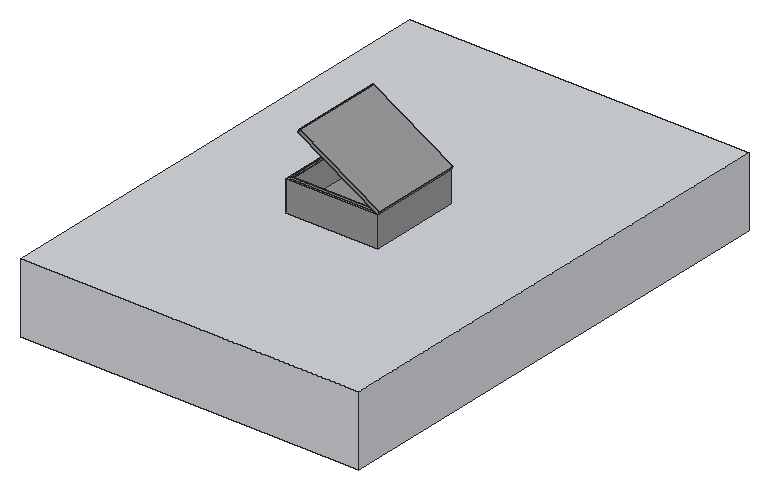
Revit family "Hager-Orion_Inox-IP66-D150-Cl.I-Inox_encl-630A-400mm-CH-en", category Equipement électrique, Revit 2020
Family settings
  Hôte = Face
  Configuration du panneau = Deux colonnes, circuits au sein
  Cote de connecteur circulaire = Utiliser le diamètre
  Type d'élément = Tableau de raccordement
  Couper avec des vides une fois chargée = Non
  Partagée = Non
  Point de calcul de pièce = Non
Parameters (values of type "Surface mounted (plaster) IP66 W400 H400 D150  - FL014BWL")
  Width Control [instance] = if([EF000008 - Width] > Min Width, [EF000008 - Width], Min Width)  # 400 mm
  Commentaires du type = [HG000003 - Range]  # "Orion Inox"
  Thickness Door [instance] = if([EF009171 - Material plate thickness door/cover] > 3 mm, 3 mm, [EF009171 - Material plate thickness door/cover])  # 1.5 mm
  Seal Frame Offset [instance] = 17 mm  # constant formula
  Model = ""
  Min Width [instance] = 100 mm  # constant formula
  Min Height [instance] = 100 mm  # constant formula
  Min Depth [instance] = (2 * [EF009170 - Material plate thickness cabinet]) + 1 mm  # 4 mm
  Internal Frame Depth [instance] = (Door System Depth * 0.5)  # 9 mm
  Height Control [instance] = if([EF000040 - Height] > Min Height, [EF000040 - Height], Min Height)  # 400 mm
  HG000027 - Plinth height = 0 mm
  HG000026 - Floor standing = no
  HG000024 - Bottom section height = 800 mm
  HG000023 - Double section enclosure = no
  HG000016 - Door 3d visibility [instance] = yes
  HG000015 - Clearance visibility [instance] = no
  HG000014 - Door on the right [instance] = yes
  HG000013 - Door on the left [instance] = not([HG000014 - Door on the right])  # no
  HG000012 - Door swing angle [instance] = 30.00°
  HG000010 - Asymmetric doors = no
  HG000009 - Double swing door = no
  HG000006 - Flush mounted = no
  HG000004 - Manufacturer reference = "FL014BWL"
  HG000003 - Range = "Orion Inox"
  HG000002 - With door or cover = yes
  Frame Offset Bottom [instance] = 10 mm  # constant formula
  Frame Offset [instance] = 15 mm  # constant formula
  EF015940 - Cover with overpressure release = no
  EF011959 - Degree of protection (NEMA) = ""
  EF009554 - Number of openings for flange plates = 0
  EF009212 - Cover model = "EV009916 - With notch"
  EF009171 - Material plate thickness door/cover = 1.5 mm
  EF009170 - Material plate thickness cabinet = 1.5 mm
  Fabricant = "Hager"  # constant formula
  EF008873 - Nominal current (In) = 630 A
  EF007800 - Suitable for lightning protection = no
  EF006306 - With lock = no
  EF006244 - Transparent cover/door = no
  EF005474 - Degree of protection (IP) = "EV006422 - IP66"
  EF004464 - Type of door = "EV002646 - Single"
  EF004427 - Number of modules = 0
  EF004293 - Impact strength = "EV008784 - IK10"
  EF003532 - Suitable for outdoor use = yes
  EF002950 - Width in number of modular spacings = 0
  EF001613 - Circuit integrity = ""
  EF001596 - Material housing = "EV000166 - Stainless steel"
  EF001131 - Internal depth = 116 mm
  EF001088 - Extension possible = yes
  EF000437 - Number of conduit inlets = 0
  EF000339 - Type of cover = "EV004216 - Door"
  EF000266 - Number of rows = 0
  EF000218 - Built-in depth = 0 mm
  EF000118 - With mounting plate = no
  EF000116 - RAL-number = ""
  EF000049 - Depth = 150 mm
  EF000040 - Height = 400 mm
  EF000008 - Width = 400 mm
  EF000007 - Colour = "EV000154 - Other"
  EF000003 - Mounting method = "EV000384 - Surface mounted (plaster)"
  Door System Leaf Tolerance [instance] = 1.5 mm  # constant formula
  Door System Depth [instance] = 18 mm  # constant formula
  Depth Control [instance] = if([EF000049 - Depth] > Min Depth, [EF000049 - Depth], Min Depth)  # 150 mm
  Default Elevation = 0 mm
Types (4, lengths in mm): name | Width Control | HG000004 - Manufacturer reference | EF009212 - Cover model | EF006306 - With lock | EF006244 - Transparent cover/door | EF004293 - Impact strength | EF001613 - Circuit integrity | EF000008 - Width
  Surface mounted (plaster) IP66 W300 H400 D150  - FL014TW | 300 | "FL014TW" | "EV000116 - Closed" | yes | yes | "EV006814 - IK08" | "EV000494 - None" | 300
  Surface mounted (plaster) IP66 W300 H400 D150  - FL014TWL | 300 | "FL014TWL" | "EV000116 - Closed" | yes | yes | "EV006814 - IK08" | "EV000494 - None" | 300
  Surface mounted (plaster) IP66 W400 H400 D150  - FL014BW | 400 | "FL014BW" | "EV009916 - With notch" | no | no | "EV008784 - IK10" | "" | 400
  Surface mounted (plaster) IP66 W400 H400 D150  - FL014BWL | 400 | "FL014BWL" | "EV009916 - With notch" | no | no | "EV008784 - IK10" | "" | 400
Reference planes
  plane 1 "Center (Front/Back)": y = 0
  plane 2: z = 0
  plane 3 "Center (Left/Right)": x = 0
  plane 4: z = 150
  plane 5: y = 1.5
  plane 6: y = 200
  plane 7: y = 0
  plane 8: y = 400
  plane 9: z = 0
  plane 10: x = -185
  plane 11: x = 185
  plane 12: x = 183.5
  plane 13: x = -183.5
  plane 14: y = 398.5
  plane 15: x = -183
  plane 16: x = -200
  plane 17: x = 183
  plane 18: x = 200
  plane 19: x = 198.5
  plane 20: x = -198.5
  plane 21: y = 11.5
  plane 22: y = 400
  plane 23: y = 383.5
  plane 24: z = 132
  plane 25: z = 1.5
  plane 26: z = 130.5
  plane 27: z = 148.5
Forms (mm)
  Extrusion 1, solid
    sketch origin (0, 0, 0) x (1, 0, 0) y (0, 1, 0)
      loop
        line (-702.964, 1305) -> (-702.964, -811.445) -> (766.763, -811.445) -> (766.763, 1305) -> (-702.964, 1305)
    from 0 to -304.8
  Extrusion 2, solid, material "Hager_Stainless_Steel", detail levels medium+fine
    sketch origin (0, 0, 0) x (1, 0, 0) y (0, 1, 0)
      loop
        line (-200, 0) -> (200, 0) -> (200, 400) -> (-200, 400) -> (-200, 0)
    from 0 to 132
  Extrusion 3, solid, material "Hager_Steel_RAL 7035_Light_Grey", not visible, detail levels medium+fine
    sketch origin (0, 28.16, 50.802) x (0, 1, 0) y (0, 0, 1)
      loop
        line (223.34, -50.802) -> (223.34, 87.698)
        arc (223.34, 87.698) -> (220.411, 94.769) -> (213.34, 97.698) r 10
        line (213.34, 97.698) -> (183.34, 97.698) -> (183.34, -50.802) -> (223.34, -50.802)
    from -198.5 to 198.5
  Extrusion 4, void
    sketch origin (0, 0, 0) x (1, 0, 0) y (0, 1, 0)
      loop
        line (-198.5, 1.5) -> (198.5, 1.5) -> (198.5, 398.5) -> (-198.5, 398.5) -> (-198.5, 1.5)
    from 1.5 to 130.5
  Extrusion 5, void
    sketch origin (-381.607, -4572, 132) x (0, -1, 0) y (-1, 0, 0)
      loop
        line (-4583.5, -198.107) -> (-4955.5, -198.107) -> (-4955.5, -565.107) -> (-4583.5, -565.107) -> (-4583.5, -198.107)
    from 0 to 1.5 <- "EF009170 - Material plate thickness cabinet"
  Extrusion 6, solid, material "Hager_Stainless_Steel", detail levels fine
    sketch origin (-381.607, -4572, 132) x (-1, 0, 0) y (0, -1, 0)
      loop
        line (-198.107, -4583.5) -> (-565.107, -4583.5) -> (-565.107, -4955.5) -> (-198.107, -4955.5) -> (-198.107, -4583.5)
      loop
        line (-197.107, -4582) -> (-566.107, -4582) -> (-566.107, -4957) -> (-197.107, -4957) -> (-197.107, -4582)
    from 0 to 9 <- "Internal Frame Depth"
  Extrusion 7, solid, material "Hager_Stainless_Steel", detail levels coarse
    sketch origin (0, 0, 0) x (1, 0, 0) y (0, 1, 0)
      loop
        line (-200, 0) -> (200, 0) -> (200, 400) -> (-200, 400) -> (-200, 0)
    from 0 to 150
Cuts and joins
  Extrusion 4, Extrusion 5 cuts Extrusion 2
Lines and regions (mm)
  Masking region 1
    outline origin (0, 0, 0) x (1, 0, 0) y (0, 0, 1)
      loop
        line (-200, 150) -> (-200, 0) -> (200, 0) -> (200, 150) -> (-200, 150)
  Masking region 2, detail levels medium+fine
    outline origin (0, 140, 0) x (0, 1, 0) y (0, 0, 1)
      loop
        line (-140, 0) -> (260, 0) -> (260, 132) -> (-140, 132) -> (-140, 0)
  Masking region 3, not visible, detail levels medium+fine
    outline origin (0, 297.922, 0) x (0, 1, 0) y (0, 0, 1)
      loop
        line (-86.422, 0) -> (-46.422, 0) -> (-46.422, 138.5)
        arc (-46.422, 138.5) -> (-49.351, 145.571) -> (-56.422, 148.5) r 10
        line (-56.422, 148.5) -> (-86.422, 148.5) -> (-86.422, 0)
  Masking region 4, detail levels coarse
    outline origin (0, 0, 180) x (0, 1, 0) y (0, 0, 1)
      loop
        line (0, -180) -> (400, -180) -> (400, -30) -> (0, -30) -> (0, -180)
  Masking region 5
    outline origin (-381.607, -4572, 132) x (-1, 0, 0) y (0, -1, 0)
      loop
        line (-181.607, -4972) -> (-181.607, -4572) -> (-581.607, -4572) -> (-581.607, -4972) -> (-181.607, -4972)
Dimensions and locks
  "Depth Control": plane 4 to Extrusion 1
  "EF009170 - Material plate thickness cabinet": plane 5 to plane 7
  locked: connector elem to plane 3 "Center (Left/Right)"
  equal spacing: plane 8, plane 6, plane 7
  locked: connector elem to plane 6
  "EF009170 - Material plate thickness cabinet": plane 8 to plane 14
  "EF009170 - Material plate thickness cabinet": plane 10 to plane 13
  "EF009170 - Material plate thickness cabinet": plane 12 to plane 11
  "Frame Offset": plane 20 to plane 13
  "Frame Offset": plane 12 to plane 19
  "EF009170 - Material plate thickness cabinet": plane 16 to plane 20
  "EF009170 - Material plate thickness cabinet": plane 19 to plane 18
  "Seal Frame Offset": plane 16 to plane 15
  "Seal Frame Offset": plane 17 to plane 18
  "Frame Offset Bottom": plane 21 to plane 5
  "Frame Offset": plane 14 to plane 23
  equal spacing: plane 16, plane 3 "Center (Left/Right)", plane 18
  "Width Control": plane 16 to plane 18
  "EF009170 - Material plate thickness cabinet": plane 4 to plane 27
  "EF009170 - Material plate thickness cabinet": plane 24 to plane 26
  "EF009170 - Material plate thickness cabinet": plane 25 to level
  "Door System Depth": plane 4 to plane 24
  "Height Control": plane 1 "Center (Front/Back)" to Extrusion 7 sketch curve
  "Height Control": Masking region 4 sketch curve to plane 1 "Center (Front/Back)"
  "Thickness Door": Extrusion 6 sketch curve to plane 15
  "Thickness Door": plane 21 to Extrusion 6 sketch curve
  "Thickness Door": plane 17 to Extrusion 6 sketch curve
  "Thickness Door": Extrusion 6 sketch curve to plane 23
  "Height Control": plane 1 "Center (Front/Back)" to plane 22
  radius of Masking region 3 sketch curve = 10 mm
  radius of Extrusion 3 sketch curve = 10 mm
  aligned and locked: plane 2 to Extrusion 1
  aligned and locked: level to Extrusion 1
  aligned and locked: level to Masking region 1 sketch curve
  aligned and locked: Masking region 1 sketch curve to plane 18
  aligned and locked: Masking region 1 sketch curve to plane 16
  aligned and locked: plane 7 to Masking region 2 sketch curve
  aligned and locked: level to Masking region 3 sketch curve
  aligned and locked: Masking region 3 sketch curve to plane 27
  aligned and locked: level to Masking region 2 sketch curve
  aligned and locked: Extrusion 2 sketch curve to plane 7
  aligned and locked: plane 16 to Extrusion 2 sketch curve
  aligned and locked: plane 18 to Extrusion 2 sketch curve
  aligned and locked: Extrusion 3 sketch curve to level
  aligned and locked: plane 27 to Extrusion 3 sketch curve
  aligned and locked: plane 20 to Extrusion 3
  aligned and locked: plane 19 to Extrusion 3
  aligned and locked: plane 20 to Extrusion 4 sketch curve
  aligned and locked: plane 19 to Extrusion 4 sketch curve
  aligned and locked: Extrusion 4 sketch curve to plane 5
  aligned and locked: Extrusion 4 to plane 25
  aligned and locked: plane 26 to Extrusion 4
  aligned and locked: plane 24 to Extrusion 2
  aligned and locked: plane 21 to Extrusion 5 sketch curve
  aligned and locked: Extrusion 5 sketch curve to plane 13
  aligned and locked: Extrusion 5 sketch curve to plane 12
  aligned and locked: plane 18 to Extrusion 7 sketch curve
  aligned and locked: plane 1 "Center (Front/Back)" to Extrusion 7 sketch curve
  aligned and locked: plane 16 to Extrusion 7 sketch curve
  aligned and locked: plane 4 to Extrusion 7
  aligned and locked: Extrusion 7 to level
  aligned and locked: level to Masking region 4 sketch curve
  aligned and locked: Masking region 4 sketch curve to plane 1 "Center (Front/Back)"
  aligned and locked: Masking region 4 sketch curve to plane 4
  aligned and locked: nested 1 to level
  aligned and locked: nested 1 to plane 16
  aligned and locked: plane 8 to Extrusion 2 sketch curve
  aligned and locked: plane 23 to Extrusion 5 sketch curve
  aligned and locked: plane 14 to Extrusion 4 sketch curve
  aligned and locked: Extrusion 6 sketch curve to plane 21
  aligned and locked: plane 13 to Extrusion 6 sketch curve
  aligned and locked: plane 23 to Extrusion 6 sketch curve
  aligned and locked: plane 12 to Extrusion 6 sketch curve
  aligned and locked: Masking region 2 sketch curve to plane 8
  aligned and locked: Masking region 2 sketch curve to plane 24
  aligned and locked: nested 2 to plane 3 "Center (Left/Right)"
  aligned and locked: nested 2 to plane 24
  aligned and locked: Masking region 5 sketch curve to plane 1 "Center (Front/Back)"
  aligned and locked: Masking region 5 sketch curve to plane 18
  aligned and locked: Masking region 5 sketch curve to plane 22
  aligned and locked: Masking region 5 sketch curve to plane 16
  aligned and locked: plane 8 to plane 22
  aligned and locked: plane 7 to plane 1 "Center (Front/Back)"
  aligned and locked: nested 2 to plane 1 "Center (Front/Back)"
Automatic sketch dimensions
  Extrusion 1 sketch curve to Extrusion 1 sketch curve = 1469.727 mm
  Extrusion 1 sketch curve to Extrusion 1 sketch curve = 2116.445 mm
  plane 6 to Masking region 3 sketch curve = 11.5 mm
  Masking region 3 sketch curve to Masking region 3 sketch curve = 30 mm
  plane 6 to Extrusion 3 sketch curve = 11.5 mm
  Extrusion 3 sketch curve to Extrusion 3 sketch curve = 30 mm
  Masking region 1 sketch curve to plane 4 = 0 mm
Nested families
  nested 1: "Hager_Enclosure_Symbol" at (-200, 0, 0) x (1, 0, 0) z (0, -1, 0), Height <- "Depth Control", Width <- "Width Control", type "Hager_Enclosure_Symbol"
    with Width_Ctrl 400 mm, Width 400 mm, Height_Ctrl 150 mm, Height 150 mm, A_Width_Int 9.844 mm, A_Width 118.125 mm, A_Height_Ctrl 131.25 mm, A_Height 131.25 mm
  nested 2: "EC000058_OrionInox_Door" at (0, 400, 132) x (1, 0, 0) z (0, -1, 0), Leaf_Tolerance <- "Door System Leaf Tolerance", Angle <- "HG000012 - Door swing angle", Door_Depth <- "Door System Depth", Door_Left <- "HG000013 - Door on the left", Transparent <- "EF006244 - Transparent cover/door", Assymetrical <- "HG000010 - Asymmetric doors", Width <- "Width Control", Clearance <- "HG000015 - Clearance visibility", Double <- "HG000009 - Double swing door", 3d_Door <- "HG000016 - Door 3d visibility", Width_Ctrl <- "Width Control", Door_Right <- "HG000014 - Door on the right", Door <- "HG000002 - With door or cover", Height <- "Height Control", Thickness <- "Thickness Door", type "EC000058_OrionInox_Door", detail levels medium+fine
    with min_wh 4 mm, Width_Ctrl 400 mm, Width 400 mm, Transparent no, Thickness 1.5 mm, Seal_Material Hager_Rubber, Leaf_Width 400 mm, Leaf_Tolerance_External_Sides 0 mm, Leaf_Tolerance 1.5 mm, Leaf_Offset 0 mm, Leaf_Height 397 mm, Leaf_2_Width 400 mm, Leaf_2_Offset 200 mm, Leaf_1_Width 400 mm, Leaf_1_Offset 200 mm, Height_Ctrl 400 mm, Height 400 mm, Glass_Material Hager_Glass, Double_Clearance_Ctrl no, Double no, Door_Right_Ctrl yes, Door_Right yes, Door_Material Hager_Stainless_Steel, Door_Left_Ctrl no, Door_Left no, Door_Depth 18 mm, Door yes, Clearance_Material Hager_Clearance, Clearance_Depth 400 mm, Clearance_Ctrl no, Clearance no, Assymetrical no, Angle 30.00°, 3d_Door yes
Connectors
  electrical at (0, 200, 0)
    settings: on plane 9, index 1, voltage 0 V, apparent load 0 VA, apparent load phase1 0 VA, apparent load phase2 0 VA, apparent load phase3 0 VA, power factor 1, load classification "Other", number of poles 1, system type 30, power factor state 1, is connector primary yes, connector utility no, sub classification motor no, connector description ""
Definition of nested family "EC000058_OrionInox_Door"
  Parameters (values of type "EC000058_OrionInox_Door")
    min_wh [instance] = (2 * Thickness) + 1 mm  # 11 mm
    Width_Ctrl [instance] = 400 mm
    Width [instance] = 500 mm
    Transparent [instance] = yes
    Thickness [instance] = 5 mm
    Seal_Material [instance] = none
    Leaf_Width [instance] = if((Width_Ctrl - 2 * Leaf_Tolerance_External_Sides) > 0 mm, (Width_Ctrl - 2 * Leaf_Tolerance_External_Sides), min_wh)  # 400 mm
    Leaf_Tolerance_External_Sides [instance] = 0 mm  # constant formula
    Leaf_Tolerance [instance] = 1.5 mm
    Leaf_Offset [instance] = 0 mm  # constant formula
    Leaf_Height [instance] = if((Height_Ctrl - 2 * Leaf_Tolerance) > 0 mm, (Height_Ctrl - 2 * Leaf_Tolerance), min_wh)  # 497 mm
    Leaf_2_Width [instance] = if(and(and(Double, Assymetrical), Door_Left), (Leaf_Width / 3) - (Leaf_Tolerance / 2), if(and(and(Double, Assymetrical), Door_Right), (Leaf_Width / 3) * 2 - (Leaf_Tolerance / 2), if(and(Double, not(Assymetrical)), (Leaf_Width / 2) - Leaf_Tolerance, Leaf_Width)))  # 400 mm
    Leaf_2_Offset [instance] = if(and(Double, Assymetrical), Leaf_2_Width / 2, if(and(Double, not(Assymetrical)), Leaf_Width / 4, Leaf_Width / 2))  # 200 mm
    Leaf_1_Width [instance] = if(and(and(Double, Assymetrical), Door_Right), (Leaf_Width / 3) - (Leaf_Tolerance / 2), if(and(and(Double, Assymetrical), Door_Left), (Width / 3) * 2 - (Leaf_Tolerance / 2), if(and(Double, not(Assymetrical)), (Leaf_Width / 2) - Leaf_Tolerance, Leaf_Width)))  # 400 mm
    Leaf_1_Offset [instance] = if(and(Double, Assymetrical), Leaf_1_Width / 2, if(and(Double, not(Assymetrical)), Leaf_Width / 4, Leaf_Width / 2))  # 200 mm
    Height_Ctrl [instance] = if(Height > min_wh, Height, min_wh)  # 500 mm
    Height [instance] = 500 mm
    Glass_Material [instance] = none
    Double_Clearance_Ctrl [instance] = and(Double, Clearance)  # no
    Double [instance] = no
    Door_Right_Ctrl [instance] = and(or(Door_Right, Double), Door)  # yes
    Door_Right [instance] = yes
    Door_Material [instance] = none
    Door_Left_Ctrl [instance] = and(or(Door_Left, Double), Door)  # no
    Door_Left [instance] = no
    Door_Depth [instance] = 30 mm
    Door [instance] = yes
    Default Elevation = 1219.2 mm
    Clearance_Material [instance] = none
    Clearance_Depth [instance] = if(Leaf_1_Width > Leaf_2_Width, Leaf_1_Width, Leaf_2_Width)  # 400 mm
    Clearance_Ctrl [instance] = and(not(Double), Clearance)  # yes
    Clearance [instance] = yes
    Assymetrical [instance] = yes
    Angle [instance] = 30.00°
    3d_Door [instance] = yes
  Reference planes
    plane 1 "Center (Front/Back)": y = 0
    plane 2 "Bottom": z = 0
    plane 3 "Center (Left/Right)": x = 0
    plane 4: z = 500
    plane 5: x = -200
    plane 6: x = 200
    plane 7: z = 500
    plane 8: x = -200
    plane 9: z = 0
    plane 10: x = 200
    plane 11: y = 0
    plane 12: z = 1.5
    plane 13: x = -600
    plane 14: y = -400
    plane 15: x = 600
    plane 16: x = 0
    plane 17: x = 0
    plane 18: x = -200
    plane 19: x = 200
    plane 20: z = 498.5
  Forms (mm)
    Extrusion 1, solid, material <- "Clearance_Material", visible <- "Double_Clearance_Ctrl"
      sketch origin (1200, 0, 0) x (1, 0, 0) y (0, 0, -1)
        loop
          line (-1800, -498.5) -> (-600, -498.5) -> (-600, 0) -> (-1800, 0) -> (-1800, -498.5)
      from 0 to -400
  Dimensions and locks
    equal spacing: plane 5, plane 3 "Center (Left/Right)", plane 6
    "Width_Ctrl": plane 5 to plane 6
    "Leaf_Offset": plane 5 to plane 8
    "Leaf_Offset": plane 6 to plane 10
    "Leaf_Offset": plane 9 to level
    "Leaf_Offset": plane 4 to plane 7
    "Height_Ctrl": plane 4 to level
    "Leaf_Tolerance": plane 12 to plane 9
    locked: plane 11 to plane 1 "Center (Front/Back)"
    "Leaf_1_Offset": plane 18 to plane 16
    "Leaf_2_Offset": plane 17 to plane 19
    "Leaf_1_Width": plane 13 to plane 8
    "Leaf_2_Width": plane 10 to plane 15
    "Clearance_Depth": plane 14 to plane 1 "Center (Front/Back)"
    "Leaf_Tolerance_External_Sides": plane 8 to plane 18
    "Leaf_Tolerance_External_Sides": plane 19 to plane 10
    "Leaf_Tolerance": plane 7 to plane 20
    aligned and locked: level to plane 2 "Bottom"
    aligned and locked: nested 1 to plane 16
    aligned and locked: nested 2 to plane 17
    aligned and locked: Extrusion 1 to plane 13
    aligned and locked: plane 15 to Extrusion 1
    aligned and locked: Extrusion 1 to plane 14
    aligned and locked: plane 12 to nested 1
    aligned and locked: nested 2 to plane 12
    aligned and locked: Extrusion 1 to plane 11
    aligned and locked: plane 20 to Extrusion 1
    aligned and locked: nested 2 to plane 11
    aligned and locked: nested 1 to plane 11
  Automatic sketch dimensions
    Extrusion 1 sketch curve to level = 0 mm
    plane 5 to Extrusion 1 sketch curve = 400 mm
    plane 6 to Extrusion 1 sketch curve = 400 mm
    Extrusion 1 sketch curve to plane 4 = 1.5 mm
  Nested families
    nested 1: "EC000058_OrionInox_Door_Leaf" at (0, 0, 1.5), Width <- "Leaf_1_Width", visible <- "Door_Left_Ctrl", Leaf_Height <- "Leaf_Height", Angle <- "Angle", 3d_Door <- "3d_Door", Transparent <- "Transparent", Clearance Material <- "Clearance_Material", Clearance <- "Clearance_Ctrl", Door_Material <- "Door_Material", Glass_Material <- "Glass_Material", Door_Depth <- "Door_Depth", Seal_Material <- "Seal_Material", Thickness <- "Thickness", type "EC000058_OrionInox_Door_Leaf"
      with Width 400 mm, Transparent_Ctrl yes, Transparent yes, Thickness 5 mm, Standard no, Seal_Material none, Seal_D2 8 mm, Seal_D1 1 mm, Offset_Internal_Frame 10 mm, Lock_Width 28 mm, Lock_Thickness 2 mm, Lock_Radius 6 mm, Leaf_Height 497 mm, Internal_Seal_Thickness 8 mm, Internal_Seal_Depth_2 4.5 mm, Internal_Frame_Depth 25 mm, Glass_Thickness -1 mm, Glass_Offset -2 mm, Glass_Material none, Door_Material none, Door_Depth 30 mm, Clearance Material none, Clearance yes, Angle_Ctrl 30.00°, Angle 30.00°, 3d_Door yes
    nested 2: "EC000058_OrionInox_Door_Leaf" at (0, 0, 1.5) x (-1, 0, 0) z (0, 0, 1), Width <- "Leaf_2_Width", visible <- "Door_Right_Ctrl", Leaf_Height <- "Leaf_Height", Angle <- "Angle", 3d_Door <- "3d_Door", Transparent <- "Transparent", Clearance Material <- "Clearance_Material", Clearance <- "Clearance_Ctrl", Door_Material <- "Door_Material", Glass_Material <- "Glass_Material", Door_Depth <- "Door_Depth", Seal_Material <- "Seal_Material", Thickness <- "Thickness", type "EC000058_OrionInox_Door_Leaf"
      with Width 400 mm, Transparent_Ctrl yes, Transparent yes, Thickness 5 mm, Standard no, Seal_Material none, Seal_D2 8 mm, Seal_D1 1 mm, Offset_Internal_Frame 10 mm, Lock_Width 28 mm, Lock_Thickness 2 mm, Lock_Radius 6 mm, Leaf_Height 497 mm, Internal_Seal_Thickness 8 mm, Internal_Seal_Depth_2 4.5 mm, Internal_Frame_Depth 25 mm, Glass_Thickness -1 mm, Glass_Offset -2 mm, Glass_Material none, Door_Material none, Door_Depth 30 mm, Clearance Material none, Clearance yes, Angle_Ctrl 30.00°, Angle 30.00°, 3d_Door yes
  Definition of nested family "EC000058_OrionInox_Door_Leaf"
    Parameters (values of type "EC000058_OrionInox_Door_Leaf")
      Width [instance] = 450 mm
      Transparent_Ctrl [instance] = and(Transparent, [3d_Door])  # yes
      Transparent [instance] = yes
      Thickness [instance] = 5 mm
      Standard [instance] = and(not(Transparent), [3d_Door])  # no
      Seal_Material [instance] = none
      Seal_D2 [instance] = 8 mm  # constant formula
      Seal_D1 [instance] = 1 mm  # constant formula
      Offset_Internal_Frame [instance] = 10 mm  # constant formula
      Lock_Width [instance] = Door_Depth - Lock_Thickness  # 28 mm
      Lock_Thickness [instance] = 2 mm  # constant formula
      Lock_Radius [instance] = 6 mm  # constant formula
      Leaf_Height [instance] = 450 mm
      Internal_Seal_Thickness [instance] = 8 mm  # constant formula
      Internal_Seal_Depth_2 [instance] = 4.5 mm  # constant formula
      Internal_Frame_Depth [instance] = if(Door_Depth - Thickness > 5 mm, Door_Depth - Thickness, 5 mm)  # 25 mm
      Glass_Thickness [instance] = if(Thickness > 15 mm, Glass_Offset + 10 mm, -1 mm)  # -1 mm
      Glass_Offset [instance] = if(Thickness > 15 mm, -(Thickness + 10 mm) / 2, -2 mm)  # -2 mm
      Glass_Material [instance] = none
      Door_Material [instance] = none
      Door_Depth [instance] = 30 mm
      Default Elevation = 0 mm
      Clearance Material [instance] = none
      Clearance [instance] = yes
      Angle_Ctrl [instance] = if(Angle > 180.00°, 180.00°, Angle)  # 90.00°
      Angle [instance] = 90.00°
      3d_Door [instance] = yes
    Reference planes
      plane 1 "Center (Front/Back)": y = 0
      plane 2: z = 0
      plane 3 "Center (Left/Right)": x = 0
      plane 4: y = 450
      plane 5: x = -225
      plane 6: x = 225
      plane 7: x = -675
      plane 8: z = 450
      plane 9: z = 30
      plane 10: z = 420
      plane 11: x = 195
      plane 12: x = -195
      plane 13: y = -3
      plane 14: z = 107.833
      plane 15: y = -5
      plane 16: y = -223.314
      plane 17: x = -225
      plane 18: y = 30
    Forms (mm)
      Extrusion 1, solid, material <- "Clearance Material", visible <- "Clearance"
        sketch origin (0, 0, 0) x (1, 0, 0) y (0, 0, 1)
          loop
            line (-675, 450) -> (-675, 0) -> (225, 0) -> (225, 450) -> (-675, 450)
        from 0 to -450
      Extrusion 2, solid, material <- "Door_Material", visible <- "Standard", detail levels medium+fine
        sketch origin (-225, 0, 0) x (0, 1, 0) y (-1, 0, 0)
          loop
            line (0, 30) -> (0, 25) -> (450, 25) -> (450, 30) -> (0, 30)
        from 0 to 450 <- "Leaf_Height"
      Extrusion 3, solid, material <- "Door_Material", visible <- "Transparent_Ctrl", detail levels medium+fine
        sketch origin (-225, 0, 0) x (0, 1, 0) y (-1, 0, 0)
          loop
            line (0, 25) -> (450, 25) -> (450, 30) -> (0, 30) -> (0, 25)
        from 0 to 450 <- "Leaf_Height"
      Extrusion 4, void
        sketch origin (-250, 450, 0) x (0, 1, 0) y (0, 0, -1)
          loop
            line (-30, -420) -> (-30, -30) -> (-420, -30) -> (-420, -420) -> (-30, -420)
        from 0 to 5 <- "Thickness"
      Sweep 5, solid, material <- "Seal_Material", visible <- "Transparent_Ctrl", detail levels fine
        path in 3D
          loop
            line (-250, 30, 30) -> (-250, 30, 420) -> (-250, 420, 420) -> (-250, 420, 30) -> (-250, 30, 30)
        profile origin (-250, 225, 30) x (1, 0, 0) y (0, 0, 1)
          loop
            line (0, 0) -> (0, -8) -> (1, -8) -> (1, 0) -> (0, 0)
      Extrusion 6, solid, material <- "Glass_Material", visible <- "Transparent_Ctrl", detail levels medium+fine
        sketch origin (-255, 0, 0) x (0, 1, 0) y (0, 0, -1)
          loop
            line (420, -420) -> (420, -30) -> (30, -30) -> (30, -420) -> (420, -420)
        from -2 <- "Glass_Offset" to -1 <- "Glass_Thickness"
      Extrusion 7, solid, material <- "Door_Material", visible <- "3d_Door", detail levels medium+fine
        sketch origin (-250, 450, 0) x (0, -1, 0) y (0, 0, -1)
          loop
            line (0, -450) -> (450, -450) -> (450, 0) -> (0, 0) -> (0, -450)
          loop
            line (445, -5) -> (5, -5) -> (5, -445) -> (445, -445) -> (445, -5)
        from 0 to 25 <- "Internal_Frame_Depth"
      Sweep 8, solid, material <- "Seal_Material", visible <- "Transparent_Ctrl", detail levels fine
        path in 3D
          loop
            line (-250, 0, 0) -> (-250, 450, 0) -> (-250, 450, 450) -> (-250, 0, 450) -> (-250, 0, 0)
        profile origin (-250, 0, 225) x (1, 0, 0) y (0, 1, 0)
          loop
            line (0, 10) -> (2.975, 10)
            arc (2.975, 10) -> (4.053, 10.447) -> (4.5, 11.525) r 1.525
            line (4.5, 11.525) -> (4.5, 16.527)
            arc (4.5, 16.527) -> (4.069, 17.569) -> (3.027, 18) r 1.473
            line (3.027, 18) -> (0, 18) -> (0, 10)
    Cuts and joins
      Extrusion 4 cuts Extrusion 3
    Lines and regions (mm)
      Masking region 1, detail levels medium+fine
        outline origin (0, 0, 0) x (0, 1, 0) y (0, 0, 1)
          loop
            line (0, 0) -> (30, 0) -> (30, 450) -> (0, 450) -> (0, 0)
      Masking region 2, detail levels medium+fine
        outline origin (0, 0, 0) x (1, 0, 0) y (0, 0, 1)
          loop
            line (-225, 450) -> (-225, 0) -> (225, 0) -> (225, 450) -> (-225, 450)
      symbolic lines
        curve 1: line (225, 0, 0) -> (-675, 0, 0)
        curve 2: arc (225, 0, 0) -> (-225, 450, 0) -> (-675, 0, 0) r 450
        curve 4: line (-255, 0, 0) -> (-255, 450, 0)
      reference lines
        curve 3: line (-225, 0, 0) -> (-225, 450, 0)
      symbolic lines, detail levels medium+fine
        curve 5: line (-255, 450, 0) -> (-250, 450, 0)
        curve 7: line (-250, 0, 0) -> (-255, 0, 0)
        curve 8: line (-250, 0, 0) -> (-225, 0, 0)
        curve 9: line (-225, 0, 0) -> (-225, 450, 0)
        curve 10: line (-225, 450, 0) -> (-250, 450, 0)
      symbolic lines, detail levels fine
        curve 6: line (-250, 450, 0) -> (-250, 0, 0)
      sketch lines
        curve 11: line (-250, 0, 450) -> (-250, 0, 0)
        curve 12: line (-250, 450, 0) -> (-250, 0, 0)
        curve 13: line (-250, 450, 450) -> (-250, 450, 0)
        curve 14: line (-250, 0, 450) -> (-250, 450, 450)
        curve 15: line (-250, 420, 30) -> (-250, 30, 30)
        curve 16: line (-250, 30, 30) -> (-250, 30, 420)
        curve 17: line (-250, 420, 420) -> (-250, 420, 30)
        curve 18: line (-250, 30, 420) -> (-250, 420, 420)
      symbolic lines, visible <- "Transparent", detail levels medium+fine
        curve 19: line (-195, 0, 420) -> (195, 0, 420)
        curve 20: line (-195, 0, 30) -> (-195, 0, 420)
        curve 21: line (195, 0, 30) -> (-195, 0, 30)
        curve 22: line (195, 0, 420) -> (195, 0, 30)
    Dimensions and locks
      "Width": plane 1 "Center (Front/Back)" to plane 4
      equal spacing: plane 5, plane 3 "Center (Left/Right)", plane 6
      "Width": plane 5 to plane 6
      "Width": plane 7 to plane 5
      "Leaf_Height": plane 8 to level
      "Width": curve 5 to curve 3
      "Width": curve 3 to curve 3
      plane 8 to plane 10 = 30 mm
      plane 9 to level = 30 mm
      plane 12 to plane 5 = 30 mm
      plane 6 to plane 11 = 30 mm
      Extrusion 4 sketch curve to Extrusion 3 = 30 mm
      Extrusion 3 to Extrusion 4 sketch curve = 30 mm
      Extrusion 1 to Extrusion 4 sketch curve = 30 mm
      curve 3 to Extrusion 4 sketch curve = 30 mm
      Extrusion 4 sketch curve to cut or joined group of Extrusion 3, Extrusion 4 = 30 mm
      cut or joined group of Extrusion 3, Extrusion 4 to Extrusion 6 sketch curve = 30 mm
      cut or joined group of Extrusion 3, Extrusion 4 to Extrusion 4 sketch curve = 30 mm
      "Thickness": curve 6 to curve 4
      "Thickness": Extrusion 7 sketch curve to Extrusion 7 sketch curve  (x4)
      "Door_Depth": curve 4 to curve 3
      "Offset_Internal_Frame": profile plane to Sweep 8 sketch curve
      "Internal_Seal_Thickness": Sweep 8 sketch curve to Sweep 8 sketch curve
      "Internal_Seal_Depth_2": profile plane to Sweep 8 sketch curve
      "Seal_D1": profile plane to Sweep 5 sketch curve
      "Seal_D2": profile plane to Sweep 5 sketch curve
      "Thickness": Extrusion 2 sketch curve to Extrusion 2 sketch curve
      "Door_Depth": plane 18 to plane 1 "Center (Front/Back)"
      radius of Sweep 8 sketch curve = 1.525 mm
      radius of Sweep 8 sketch curve = 1.473 mm
      "Angle_Ctrl": angle plane 1 "Center (Front/Back)" to curve 3
      aligned and locked: level to plane 2
      aligned and locked: Extrusion 1 to curve 1
      aligned and locked: plane 6 to Extrusion 1
      aligned and locked: plane 1 "Center (Front/Back)" to Extrusion 1
      aligned and locked: plane 4 to Extrusion 1
      aligned and locked: plane 8 to Extrusion 1
      aligned and locked: curve 7 to Extrusion 2 sketch curve
      aligned and locked: curve 5 to Extrusion 2 sketch curve
      aligned and locked: curve 7 to Extrusion 3 sketch curve
      aligned and locked: Extrusion 3 sketch curve to curve 4
      aligned and locked: Extrusion 3 sketch curve to curve 6
      aligned and locked: Extrusion 3 sketch curve to curve 5
      aligned and locked: curve 9 to curve 3
      aligned and locked: Extrusion 7 sketch curve to cut or joined group of Extrusion 3, Extrusion 4  (x4)
      aligned and locked: plane 17 to curve 3
      aligned and locked: plane 1 "Center (Front/Back)" to curve 3
      aligned and locked: plane 17 to plane 5
      aligned and locked: Sweep 8 sketch curve to profile plane
      aligned and locked: Sweep 5 sketch curve to profile plane  (x2)
      aligned and locked: plane 1 "Center (Front/Back)" to Masking region 1 sketch curve
      aligned and locked: plane 18 to Masking region 1 sketch curve
      aligned and locked: level to Masking region 1 sketch curve
      aligned and locked: Masking region 1 sketch curve to plane 8
      aligned and locked: plane 17 to Masking region 2 sketch curve
      aligned and locked: level to Masking region 2 sketch curve
      aligned and locked: Masking region 2 sketch curve to plane 8
      aligned and locked: plane 12 to curve 20
      aligned and locked: plane 10 to curve 19
      aligned and locked: plane 11 to curve 22
      aligned and locked: plane 9 to curve 21
      aligned and locked: Extrusion 2 sketch curve to cut or joined group of Extrusion 3, Extrusion 4
    Automatic sketch dimensions
      plane 1 "Center (Front/Back)" to curve 2 = 0 mm
      curve 2 to plane 5 = 0 mm
      Extrusion 1 sketch curve to level = 0 mm
      Extrusion 1 sketch curve to plane 7 = 0 mm
      Extrusion 1 sketch curve to plane 6 = 0 mm
      Extrusion 1 sketch curve to plane 8 = 0 mm
      Extrusion 3 to Extrusion 6 sketch curve = 30 mm  (x4)
      Masking region 2 sketch curve to plane 6 = 0 mm
      curve 4 to curve 3 = 0 mm
Definition of nested family "Hager_Enclosure_Symbol"
  Parameters (values of type "Hager_Enclosure_Symbol")
    Width_Ctrl [instance] = if(Width > 1 mm, Width, 1 mm)  # 102.27 mm
    Width [instance] = 102.27 mm
    Height_Ctrl [instance] = if(Height > 1 mm, Height, 1 mm)  # 66.5 mm
    A_Width_Int [instance] = if(A_Width / 12 > 2 mm, A_Width / 12, 2 mm)  # 4.364 mm
    A_Width [instance] = if(A_Height_Ctrl * 0.9 > 2 mm, A_Height_Ctrl * 0.9, 2 mm)  # 52.369 mm
    A_Height_Ctrl [instance] = if(A_Height > 2 mm, A_Height, 2 mm)  # 58.188 mm
    Height [instance] = 66.5 mm
    A_Height [instance] = Height - (Height / 8)  # 58.188 mm
  Reference planes
    plane 1 "Centre (avant/arrière)": y = 0
    plane 2: z = 0
    plane 3 "Centre (gauche/droite)": x = 0
    plane 4: x = 52.369
    plane 5: y = 33.042
    plane 6: y = 41.77
    plane 7: y = 66.5
    plane 8: x = 26.184
    plane 9: y = 37.406
    plane 10: x = 102.27
    plane 11: y = 66.5
    plane 12: y = 8.313
  Lines and regions (mm)
    Filled region 1, type "Solid_Black", in view "Niveau de réf."
      outline origin (0, 0, 0) x (1, 0, 0) y (0, 1, 0)
        loop
          line (52.369, 66.5) -> (33.188, 54.536) -> (45.365, 45.006) -> (52.369, 66.5)
    Filled region 2, type "Solid_Black", in view "Niveau de réf."
      outline origin (0, 0, 0) x (1, 0, 0) y (0, 1, 0)
        loop
          line (0, 0) -> (102.27, 0) -> (102.27, 66.5) -> (0, 0)
    detail lines, in view "Niveau de réf."
      curve 1: line (0, 8.313, 0) -> (26.184, 41.77, 0)
      curve 2: line (26.184, 41.77, 0) -> (26.184, 33.042, 0)
      curve 3: line (26.184, 33.042, 0) -> (52.369, 66.5, 0)
  Dimensions and locks
    "A_Width": plane 3 "Centre (gauche/droite)" to plane 4
    equal spacing: plane 3 "Centre (gauche/droite)", plane 8, plane 4
    equal spacing: plane 6, plane 9, plane 5
    equal spacing: curve 3, Filled region 1 sketch curve, Filled region 1 sketch curve
    "Height_Ctrl": plane 1 "Centre (avant/arrière)" to plane 11
    "A_Height_Ctrl": plane 11 to plane 12
    equal spacing: plane 11, plane 9, plane 12
    "A_Width_Int": plane 6 to plane 9
    "Width_Ctrl": plane 3 "Centre (gauche/droite)" to plane 10
    angle Filled region 1 sketch curve to curve 3 = 20.00°
    angle curve 3 to Filled region 1 sketch curve = 20.00°
    locked: curve 3 to Filled region 1 sketch curve (angle 90.00°)
    aligned and locked: plane 10 to Filled region 2
    aligned and locked: plane 11 to Filled region 2 sketch curve
    aligned and locked: plane 10 to Filled region 2 sketch curve
    aligned and locked: plane 3 "Centre (gauche/droite)" to curve 1
    aligned and locked: plane 12 to curve 1
    aligned and locked: plane 7 to plane 11
  Automatic sketch dimensions
    Filled region 1 sketch curve to plane 4 = 0 mm
    Filled region 1 sketch curve to plane 7 = 0 mm
    plane 1 "Centre (avant/arrière)" to Filled region 2 sketch curve = 0 mm
    Filled region 2 sketch curve to plane 3 "Centre (gauche/droite)" = 0 mm
    curve 2 to plane 6 = 0 mm
    curve 2 to plane 8 = 0 mm
    curve 3 to plane 4 = 0 mm
    curve 2 to plane 5 = 0 mm
    curve 3 to plane 7 = 0 mm
